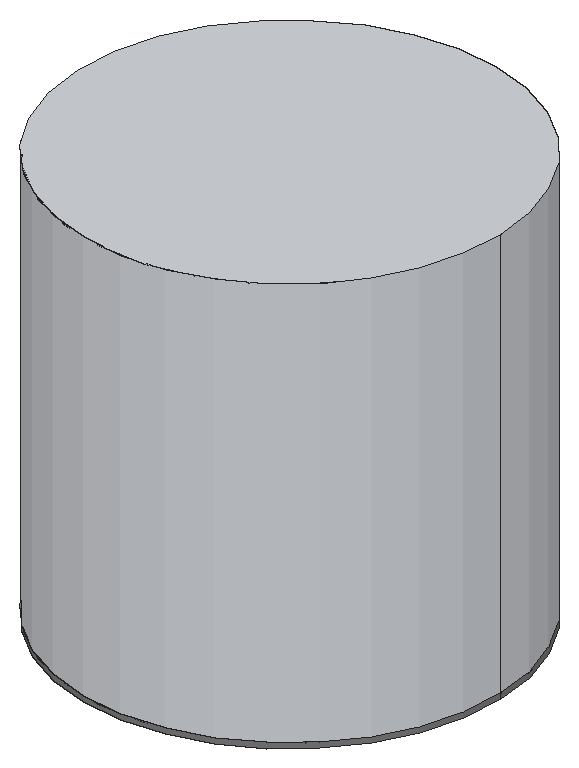
Revit family "Recessed Downlight Face Based", category Lighting Fixtures, Revit 2019
Family settings
  Round Connector Dimension = Use Diameter
  Part Type = Normal
  OmniClass Number = 23.80.70.00
  OmniClass Title = Lighting
  Work Plane-Based = No
  Always vertical = No
  Cut with Voids When Loaded = No
  Light Source = Yes
  Shared = No
  Room Calculation Point = No
Parameters (values of type "D2.2 Panos Infinity 16W Gib")
  Wattage Comments = "19.4"
  Wattage = 13.0603 W
  built-in parameter 1150110 = 1 (stored number, unit not read)
  URL = ""
  Type Comments = "D2.2"
  built-in parameter 1114217 = 0.8 (stored number, unit not read)
  Tilt Angle = 90.00°
  built-in parameter 1150109 = 1 (stored number, unit not read)
  built-in parameter 1150134 = 12
  built-in parameter 1150113 = 1 (stored number, unit not read)
  Photometric Web File = "DOT9738C-30-A930.IES"
  PRL_LTGSchedule_Output = "16W LED\r\n1940 lm"
  PRL_LTGSchedule_Manufacturer = "Zumtobel"
  PRL_LTGSchedule_Lifetime = "5 years"
  PRL_LTGSchedule_Installation = "Recessed in Plaster/Gib Ceiling"
  PRL_LTGSchedule_Description = "Recessed 100mm deep down-light with white trim, CRI = 90+ LEDs, smooth optic, IP54 transparent attachment."
  PRL_LTGSchedule_Control = "Fixed output ECG"
  PRL_LTGSchedule_Classification = ""
  PRL_LTGSchedule_CatNo = "Panos Infinity\r\nE200 LG LED"
  PRL_LTGSchedule_CCT = "4000K\r\nCRI=90+"
  PRL_LTGSchedule_Accessories = ""
  PRL_AppearsInSchedule = yes
  built-in parameter 1150142 = "IESNA:LM-63-2002\r\n[TEST] Test report No. LL17053\r\n[TESTLAB] LightLab International \r\n[ISSUEDATE] Monday, 21 October 2013 1:37:49 PM\r\n[MANUFAC] Nimbus Lighting Group Ltd.,\r\n[MORE] Auckland. 1061. New Zealand.\r\n[LUMCAT] DOT9738C/30/A930.\r\n[LUMINAIRE] Nimbus Lighting LED Downlight. \r\n[MORE] Aluminium radially finned heat sink, 137 mm dia. x 80 mm deep, black finish.\r\n[MORE] White fascia with twist-lock ceiling plate, connected to heat sink by two black plastic arms.\r\n[MORE] One “CREE CXA” LED 92 mm above L/O of 120 mm. Wide-beam multi-faceted textured reflector.\r\n[MORE] One Remote Tridonic LCI 20W 350mA TEC SR LED driver 220-240 V 50/60 Hz.\r\n[MORE] Tested at 240 V / 50 Hz.\r\n[OTHER] Absolute test - lamp lumens value set to -1\r\n[MORE] NA conventions used for C0 plane alignment and C-plane rotation direction.\r\n[MORE] The sample was tested at a distance of 8m.\r\n[MORE] This IES file created by LightLab/LSA Report program version 3.803a.\r\nTILT=NONE\r\n1 -1 1 91 1 1 2 -0.12 -0.12 0\r\n1 1 13.583\r\n0 1 2 3 4 5 6 7 8 9 10 11 12 13 14 15 16 17 18 19 20 21 22 23 24 25 26 27 28 29 30 31 32 33 34 35 36 37 38 39 40 41 42 43 44 45 46 47 48 49 50 51 52 53 54 55 56 57 58 59 60 61 62 63 64 65 66 67 68 69 70 71 72 73 74 75 76 77 78 79 80 81 82 83 84 85 86 87 \r\n88 89 90\r\n0\r\n739.50 738.70 736.06 731.60 726.24 719.96 712.76 705.71 699.03 692.71 687.07 682.46 678.74 676.13 674.46 673.15 672.47 672.03 671.54 670.36 669.31 669.87 671.53 673.94 676.34 678.93 681.58 683.95 684.60 677.56 652.42 610.91 567.60 514.93 469.64 420.97 \r\n374.03 339.48 321.17 313.96 305.73 288.72 272.91 260.34 246.91 233.20 218.55 202.73 186.27 170.43 153.95 139.68 122.85 107.42 90.21 71.68 55.81 41.44 31.18 24.13 18.46 15.01 12.45 10.72 9.31 8.30 7.42 6.85 6.22 5.81 5.44 5.18 4.89 4.70 4.51 4.26 3.99 3.99\r\n 3.85 3.74 3.74 3.58 3.57 3.44 3.22 3.03 2.67 2.47 1.93 0.66 0.00\r\n"
  Manufacturer = ""
  Lumens = 1940 lm
  built-in parameter 1150115 = 1 (stored number, unit not read)
  built-in parameter 1150105 = 154.38 (stored number, unit not read)
  built-in parameter 1150137 = (empty or 0)
  built-in parameter 1150139 = (empty or 0)
  built-in parameter 1150112 = 1 (stored number, unit not read)
  built-in parameter 1150114 = 1 (stored number, unit not read)
  Lamp = "1"
  built-in parameter 1150132 = 2
  built-in parameter 1150102 = (empty or 0)
  built-in parameter 1150138 = (empty or 0)
  built-in parameter 1150107 = 4000 (stored number, unit not read)
  built-in parameter 1150106 = 1.5438 (stored number, unit not read)
  Family Revision = 4
  Emit from Circle Diameter = 155 mm
  Emit Shape Visible in Rendering = no
  built-in parameter 1150104 = 13.8 (stored number, unit not read)
  Dimming Lamp Color Temperature Shift = <None>
  Diameter = 155 mm
  Description = ""
  Depth = 146 mm
  Color Filter = 16777215
  built-in parameter 1114218 = 1 (stored number, unit not read)
  built-in parameter 1150133 = 10 (stored number, unit not read)
  Arm length = Diameter * 2  # 310 mm
  Apparent Load = 13.8 VA
Reference planes
  plane 1 "Light Source Axis (F/B)": y = 0
  plane 2: z = 0
  plane 3 "Light Source Axis (L/R)": x = 0
  plane 4 "Light Source Elevation": z = -7
Forms (mm)
  Extrusion 1, solid, material "Default Light Source Text2"
    sketch origin (0, 0, 0) x (1, 0, 0) y (0, 1, 0)
      loop
        circle (0, 0) r 77.5
    from -7 to -5
  Extrusion 2, solid
    sketch origin (0, 0, 0) x (1, 0, 0) y (0, 1, 0)
      loop
        circle (0, 0) r 77.5
    from -5 to 146 <- "Depth"
Dimensions and locks
  "Diameter": diameter of Extrusion 2 sketch curve
  "Diameter": diameter of Extrusion 1 sketch curve
  aligned and locked: plane 4 "Light Source Elevation" to imposter light
  aligned and locked: level to plane 2
  aligned and locked: imposter light to Extrusion 1
Automatic sketch dimensions
  plane 1 "Light Source Axis (F/B)" to Extrusion 1 sketch curve = 0 mm
  Extrusion 1 sketch curve to plane 3 "Light Source Axis (L/R)" = 0 mm
  plane 1 "Light Source Axis (F/B)" to Extrusion 2 sketch curve = 0 mm
  Extrusion 2 sketch curve to plane 3 "Light Source Axis (L/R)" = 0 mm
Connectors
  electrical at (0, 0, -5), driven by "Apparent Load"
    settings: on Extrusion 1, index 1, voltage 230 V, apparent load 0 VA, apparent load phase1 13.8 VA, apparent load phase2 0 VA, apparent load phase3 0 VA, power factor 1, load classification "Lighting", number of poles 1, system type 31, power factor state 1, is connector primary yes, connector utility no, sub classification motor no, connector description ""
Types (12, lengths in mm): name | Wattage | Type Comments | built-in parameter 1114217 | Photometric Web File | PRL_LTGSchedule_Output | PRL_LTGSchedule_Manufacturer | PRL_LTGSchedule_Lifetime | PRL_LTGSchedule_Installation | PRL_LTGSchedule_Description | PRL_LTGSchedule_Control | PRL_LTGSchedule_CatNo | PRL_LTGSchedule_CCT | PRL_LTGSchedule_Accessories | built-in parameter 1150142 | Manufacturer | Lumens | built-in parameter 1150105 | built-in parameter 1150106 | Description
  D3.1 Panos Infinity 32W T-Rail | 17.6516 W | "D3.1" | 0.8 (stored number, unit not read) | "DOT9738C-30-A930.IES" | "" | "" | "" | "" | "" | "" | "" | "" | "" | "IESNA:LM-63-2002\r\n[TEST] Test report No. LL17053\r\n[TESTLAB] LightLab International \r\n[ISSUEDATE] Monday, 21 October 2013 1:37:49 PM\r\n[MANUFAC] Nimbus Lighting Group Ltd.,\r\n[MORE] Auckland. 1061. New Zealand.\r\n[LUMCAT] DOT9738C/30/A930.\r\n[LUMINAIRE] Nimbus Lighting LED Downlight. \r\n[MORE] Aluminium radially finned heat sink, 137 mm dia. x 80 mm deep, black finish.\r\n[MORE] White fascia with twist-lock ceiling plate, connected to heat sink by two black plastic arms.\r\n[MORE] One “CREE CXA” LED 92 mm above L/O of 120 mm. Wide-beam multi-faceted textured reflector.\r\n[MORE] One Remote Tridonic LCI 20W 350mA TEC SR LED driver 220-240 V 50/60 Hz.\r\n[MORE] Tested at 240 V / 50 Hz.\r\n[OTHER] Absolute test - lamp lumens value set to -1\r\n[MORE] NA conventions used for C0 plane alignment and C-plane rotation direction.\r\n[MORE] The sample was tested at a distance of 8m.\r\n[MORE] This IES file created by LightLab/LSA Report program version 3.803a.\r\nTILT=NONE\r\n1 -1 1 91 1 1 2 -0.12 -0.12 0\r\n1 1 13.583\r\n0 1 2 3 4 5 6 7 8 9 10 11 12 13 14 15 16 17 18 19 20 21 22 23 24 25 26 27 28 29 30 31 32 33 34 35 36 37 38 39 40 41 42 43 44 45 46 47 48 49 50 51 52 53 54 55 56 57 58 59 60 61 62 63 64 65 66 67 68 69 70 71 72 73 74 75 76 77 78 79 80 81 82 83 84 85 86 87 \r\n88 89 90\r\n0\r\n739.50 738.70 736.06 731.60 726.24 719.96 712.76 705.71 699.03 692.71 687.07 682.46 678.74 676.13 674.46 673.15 672.47 672.03 671.54 670.36 669.31 669.87 671.53 673.94 676.34 678.93 681.58 683.95 684.60 677.56 652.42 610.91 567.60 514.93 469.64 420.97 \r\n374.03 339.48 321.17 313.96 305.73 288.72 272.91 260.34 246.91 233.20 218.55 202.73 186.27 170.43 153.95 139.68 122.85 107.42 90.21 71.68 55.81 41.44 31.18 24.13 18.46 15.01 12.45 10.72 9.31 8.30 7.42 6.85 6.22 5.81 5.44 5.18 4.89 4.70 4.51 4.26 3.99 3.99\r\n 3.85 3.74 3.74 3.58 3.57 3.44 3.22 3.03 2.67 2.47 1.93 0.66 0.00\r\n" | "C" | 2622 lm | 208.65 (stored number, unit not read) | 2.0865 (stored number, unit not read) | "C"
  D52.10 ELS ADL110 XTM 16.5W Vaneered Paneling 3000K | 8.65749 W | "D52.10" | 0.95 (stored number, unit not read) | "DOT9738C-30-A930.IES" | "" | "" | "" | "" | "" | "" | "" | "" | "" | "IESNA:LM-63-2002\r\n[TEST] Test report No. LL17053\r\n[TESTLAB] LightLab International \r\n[ISSUEDATE] Monday, 21 October 2013 1:37:49 PM\r\n[MANUFAC] Nimbus Lighting Group Ltd.,\r\n[MORE] Auckland. 1061. New Zealand.\r\n[LUMCAT] DOT9738C/30/A930.\r\n[LUMINAIRE] Nimbus Lighting LED Downlight. \r\n[MORE] Aluminium radially finned heat sink, 137 mm dia. x 80 mm deep, black finish.\r\n[MORE] White fascia with twist-lock ceiling plate, connected to heat sink by two black plastic arms.\r\n[MORE] One “CREE CXA” LED 92 mm above L/O of 120 mm. Wide-beam multi-faceted textured reflector.\r\n[MORE] One Remote Tridonic LCI 20W 350mA TEC SR LED driver 220-240 V 50/60 Hz.\r\n[MORE] Tested at 240 V / 50 Hz.\r\n[OTHER] Absolute test - lamp lumens value set to -1\r\n[MORE] NA conventions used for C0 plane alignment and C-plane rotation direction.\r\n[MORE] The sample was tested at a distance of 8m.\r\n[MORE] This IES file created by LightLab/LSA Report program version 3.803a.\r\nTILT=NONE\r\n1 -1 1 91 1 1 2 -0.12 -0.12 0\r\n1 1 13.583\r\n0 1 2 3 4 5 6 7 8 9 10 11 12 13 14 15 16 17 18 19 20 21 22 23 24 25 26 27 28 29 30 31 32 33 34 35 36 37 38 39 40 41 42 43 44 45 46 47 48 49 50 51 52 53 54 55 56 57 58 59 60 61 62 63 64 65 66 67 68 69 70 71 72 73 74 75 76 77 78 79 80 81 82 83 84 85 86 87 \r\n88 89 90\r\n0\r\n739.50 738.70 736.06 731.60 726.24 719.96 712.76 705.71 699.03 692.71 687.07 682.46 678.74 676.13 674.46 673.15 672.47 672.03 671.54 670.36 669.31 669.87 671.53 673.94 676.34 678.93 681.58 683.95 684.60 677.56 652.42 610.91 567.60 514.93 469.64 420.97 \r\n374.03 339.48 321.17 313.96 305.73 288.72 272.91 260.34 246.91 233.20 218.55 202.73 186.27 170.43 153.95 139.68 122.85 107.42 90.21 71.68 55.81 41.44 31.18 24.13 18.46 15.01 12.45 10.72 9.31 8.30 7.42 6.85 6.22 5.81 5.44 5.18 4.89 4.70 4.51 4.26 3.99 3.99\r\n 3.85 3.74 3.74 3.58 3.57 3.44 3.22 3.03 2.67 2.47 1.93 0.66 0.00\r\n" | "" | 1286 lm | 102.34 (stored number, unit not read) | 1.0234 (stored number, unit not read) | ""
  D51.10 ELS ADL110 XTM 16.5W Vaneered Paneling 4000K | 8.65749 W | "D51.10" | 0.95 (stored number, unit not read) | "DOT9738C-30-A930.IES" | "" | "" | "" | "" | "" | "" | "" | "" | "" | "IESNA:LM-63-2002\r\n[TEST] Test report No. LL17053\r\n[TESTLAB] LightLab International \r\n[ISSUEDATE] Monday, 21 October 2013 1:37:49 PM\r\n[MANUFAC] Nimbus Lighting Group Ltd.,\r\n[MORE] Auckland. 1061. New Zealand.\r\n[LUMCAT] DOT9738C/30/A930.\r\n[LUMINAIRE] Nimbus Lighting LED Downlight. \r\n[MORE] Aluminium radially finned heat sink, 137 mm dia. x 80 mm deep, black finish.\r\n[MORE] White fascia with twist-lock ceiling plate, connected to heat sink by two black plastic arms.\r\n[MORE] One “CREE CXA” LED 92 mm above L/O of 120 mm. Wide-beam multi-faceted textured reflector.\r\n[MORE] One Remote Tridonic LCI 20W 350mA TEC SR LED driver 220-240 V 50/60 Hz.\r\n[MORE] Tested at 240 V / 50 Hz.\r\n[OTHER] Absolute test - lamp lumens value set to -1\r\n[MORE] NA conventions used for C0 plane alignment and C-plane rotation direction.\r\n[MORE] The sample was tested at a distance of 8m.\r\n[MORE] This IES file created by LightLab/LSA Report program version 3.803a.\r\nTILT=NONE\r\n1 -1 1 91 1 1 2 -0.12 -0.12 0\r\n1 1 13.583\r\n0 1 2 3 4 5 6 7 8 9 10 11 12 13 14 15 16 17 18 19 20 21 22 23 24 25 26 27 28 29 30 31 32 33 34 35 36 37 38 39 40 41 42 43 44 45 46 47 48 49 50 51 52 53 54 55 56 57 58 59 60 61 62 63 64 65 66 67 68 69 70 71 72 73 74 75 76 77 78 79 80 81 82 83 84 85 86 87 \r\n88 89 90\r\n0\r\n739.50 738.70 736.06 731.60 726.24 719.96 712.76 705.71 699.03 692.71 687.07 682.46 678.74 676.13 674.46 673.15 672.47 672.03 671.54 670.36 669.31 669.87 671.53 673.94 676.34 678.93 681.58 683.95 684.60 677.56 652.42 610.91 567.60 514.93 469.64 420.97 \r\n374.03 339.48 321.17 313.96 305.73 288.72 272.91 260.34 246.91 233.20 218.55 202.73 186.27 170.43 153.95 139.68 122.85 107.42 90.21 71.68 55.81 41.44 31.18 24.13 18.46 15.01 12.45 10.72 9.31 8.30 7.42 6.85 6.22 5.81 5.44 5.18 4.89 4.70 4.51 4.26 3.99 3.99\r\n 3.85 3.74 3.74 3.58 3.57 3.44 3.22 3.03 2.67 2.47 1.93 0.66 0.00\r\n" | "" | 1286 lm | 102.34 (stored number, unit not read) | 1.0234 (stored number, unit not read) | ""
